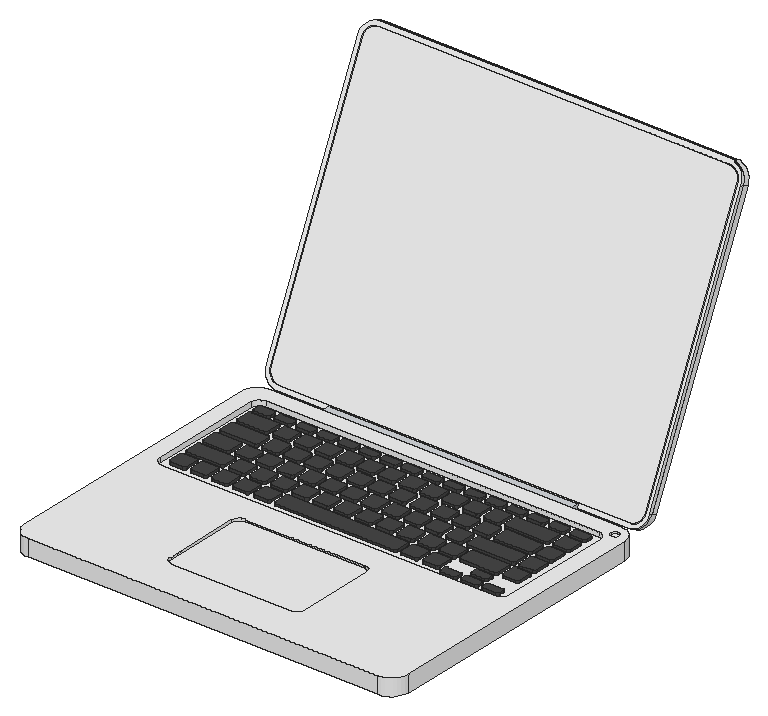
Revit family "Notebookrfa", category Generic Models, Revit 2016
Family settings
  Part Type = Normal
  Can host rebar = No
  Round Connector Dimension = Use Diameter
  Work Plane-Based = No
  Always vertical = Yes
  Cut with Voids When Loaded = No
  Shared = No
  Room Calculation Point = No
Parameters
  Model = "MacBook"
  Manufacturer = "Apple Inc."
  Description = ""
  Creator = "RIgo Orozco"
Reference planes (in)
  plane 1 "Center (Front/Back)": y = 0
  plane 2: z = 0
  plane 3 "Center (Left/Right)": x = 0
Forms (in)
  Extrusion 1, solid, material "Aluminum"
    sketch origin (0, 0, 0) x (1, 0, 0) y (0, 1, 0)
      loop
        line (2.3049, -1.60629) -> (2.3049, 6.39371)
        arc (2.3049, 6.39371) -> (2.15845, 6.74727) -> (1.8049, 6.89371) r 0.5
        line (1.8049, 6.89371) -> (-8.5701, 6.89371)
        arc (-8.5701, 6.89371) -> (-8.92365, 6.74727) -> (-9.0701, 6.39371) r 0.5
        line (-9.0701, 6.39371) -> (-9.0701, -1.60629)
        arc (-9.0701, -1.60629) -> (-8.92365, -1.95984) -> (-8.5701, -2.10629) r 0.5
        line (-8.5701, -2.10629) -> (1.8049, -2.10629)
        arc (1.8049, -2.10629) -> (2.15845, -1.95984) -> (2.3049, -1.60629) r 0.5
    from 0.25793 to 0.75
  Extrusion 2, void
    sketch origin (0, 0.5, 0.6875) x (1, 0, 0) y (0, 1, 0)
      loop
        arc (-5.1951, 1.25352) -> (-5.37188, 1.18029) -> (-5.4451, 1.00352) r 0.25
        line (-5.4451, 1.00352) -> (-5.4451, -1.24648)
        arc (-5.4451, -1.24648) -> (-5.37188, -1.42326) -> (-5.1951, -1.49648) r 0.25
        line (-5.1951, -1.49648) -> (-1.6951, -1.49648)
        arc (-1.6951, -1.49648) -> (-1.51832, -1.42326) -> (-1.4451, -1.24648) r 0.25
        line (-1.4451, -1.24648) -> (-1.4451, 1.00352)
        arc (-1.4451, 1.00352) -> (-1.51832, 1.18029) -> (-1.6951, 1.25352) r 0.25
        line (-1.6951, 1.25352) -> (-5.1951, 1.25352)
    from 0 to 0.5
  Extrusion 3, void
    sketch origin (0, 0, 0.6875) x (1, 0, 0) y (0, 1, 0)
      loop
        arc (-8.3201, 6.39371) -> (-8.49688, 6.32049) -> (-8.5701, 6.14371) r 0.25
        line (-8.5701, 6.14371) -> (-8.5701, 2.76871)
        arc (-8.5701, 2.76871) -> (-8.49688, 2.59194) -> (-8.3201, 2.51871) r 0.25
        line (-8.3201, 2.51871) -> (1.5549, 2.51871)
        arc (1.5549, 2.51871) -> (1.73168, 2.59194) -> (1.8049, 2.76871) r 0.25
        line (1.8049, 2.76871) -> (1.8049, 6.14371)
        arc (1.8049, 6.14371) -> (1.73168, 6.32049) -> (1.5549, 6.39371) r 0.25
        line (1.5549, 6.39371) -> (-8.3201, 6.39371)
    from -0.07748 to 0.0625
  Extrusion 4, solid, material "Black Key"
    sketch origin (-13.375, 0, 0.6875) x (1, 0, 0) y (0, 1, 0)
      loop
        arc (5.11577, 6.14371) -> (5.07273, 6.12589) -> (5.0549, 6.08285) r 0.06086
        line (5.0549, 6.08285) -> (5.0549, 5.93793)
        arc (5.0549, 5.93793) -> (5.07318, 5.8938) -> (5.11732, 5.87552) r 0.06242
        line (5.11732, 5.87552) -> (5.49166, 5.87552)
        arc (5.49166, 5.87552) -> (5.53638, 5.89404) -> (5.5549, 5.93876) r 0.06324
        line (5.5549, 5.93876) -> (5.5549, 6.08251)
        arc (5.5549, 6.08251) -> (5.53698, 6.12579) -> (5.4937, 6.14371) r 0.0612
        line (5.4937, 6.14371) -> (5.11577, 6.14371)
    from 0 to 0.0625
  Extrusion 5, solid, material "Black Key"
    sketch origin (-12.75, 0, 0.6875) x (1, 0, 0) y (0, 1, 0)
      loop
        arc (5.11577, 6.14371) -> (5.07273, 6.12589) -> (5.0549, 6.08285) r 0.06086
        line (5.0549, 6.08285) -> (5.0549, 5.93793)
        arc (5.0549, 5.93793) -> (5.07318, 5.8938) -> (5.11732, 5.87552) r 0.06242
        line (5.11732, 5.87552) -> (5.49166, 5.87552)
        arc (5.49166, 5.87552) -> (5.53638, 5.89404) -> (5.5549, 5.93876) r 0.06324
        line (5.5549, 5.93876) -> (5.5549, 6.08251)
        arc (5.5549, 6.08251) -> (5.53698, 6.12579) -> (5.4937, 6.14371) r 0.0612
        line (5.4937, 6.14371) -> (5.11577, 6.14371)
    from 0 to 0.0625
  Extrusion 6, solid, material "Black Key"
    sketch origin (-12.75, -0.375, 0.6875) x (1, 0, 0) y (0, 1, 0)
      loop
        arc (4.49077, 6.14371) -> (4.44773, 6.12589) -> (4.4299, 6.08285) r 0.06086
        line (4.4299, 6.08285) -> (4.4299, 5.70613)
        arc (4.4299, 5.70613) -> (4.44818, 5.66199) -> (4.49232, 5.64371) r 0.06242
        line (4.49232, 5.64371) -> (5.30457, 5.64371)
        arc (5.30457, 5.64371) -> (5.34929, 5.66223) -> (5.36781, 5.70695) r 0.06324
        line (5.36781, 5.70695) -> (5.36781, 6.08251)
        arc (5.36781, 6.08251) -> (5.34989, 6.12579) -> (5.30661, 6.14371) r 0.0612
        line (5.30661, 6.14371) -> (4.49077, 6.14371)
    from 0 to 0.0625
  Extrusion 7, solid, material "Black Key"
    sketch origin (-13.375, -0.99982, 0.6875) x (1, 0, 0) y (0, 1, 0)
      loop
        arc (5.11577, 6.14371) -> (5.07273, 6.12589) -> (5.0549, 6.08285) r 0.06086
        line (5.0549, 6.08285) -> (5.0549, 5.70613)
        arc (5.0549, 5.70613) -> (5.07318, 5.66199) -> (5.11732, 5.64371) r 0.06242
        line (5.11732, 5.64371) -> (6.11666, 5.64371)
        arc (6.11666, 5.64371) -> (6.16138, 5.66223) -> (6.1799, 5.70695) r 0.06324
        line (6.1799, 5.70695) -> (6.1799, 6.08251)
        arc (6.1799, 6.08251) -> (6.16198, 6.12579) -> (6.1187, 6.14371) r 0.0612
        line (6.1187, 6.14371) -> (5.11577, 6.14371)
    from 0 to 0.0625
  Extrusion 8, solid, material "Black Key"
    sketch origin (-12.75, -1.625, 0.6875) x (1, 0, 0) y (0, 1, 0)
      loop
        arc (4.49077, 6.14371) -> (4.44773, 6.12589) -> (4.4299, 6.08285) r 0.06086
        line (4.4299, 6.08285) -> (4.4299, 5.70613)
        arc (4.4299, 5.70613) -> (4.44818, 5.66199) -> (4.49232, 5.64371) r 0.06242
        line (4.49232, 5.64371) -> (5.17957, 5.64371)
        arc (5.17957, 5.64371) -> (5.22429, 5.66223) -> (5.24281, 5.70695) r 0.06324
        line (5.24281, 5.70695) -> (5.24281, 6.08251)
        arc (5.24281, 6.08251) -> (5.22489, 6.12579) -> (5.18161, 6.14371) r 0.0612
        line (5.18161, 6.14371) -> (4.49077, 6.14371)
    from 0 to 0.0625
  Extrusion 9, solid, material "Black Key"
    sketch origin (-13.375, -2.24982, 0.6875) x (1, 0, 0) y (0, 1, 0)
      loop
        arc (5.11577, 6.14371) -> (5.07273, 6.12589) -> (5.0549, 6.08285) r 0.06086
        line (5.0549, 6.08285) -> (5.0549, 5.70613)
        arc (5.0549, 5.70613) -> (5.07318, 5.66199) -> (5.11732, 5.64371) r 0.06242
        line (5.11732, 5.64371) -> (6.11666, 5.64371)
        arc (6.11666, 5.64371) -> (6.16138, 5.66223) -> (6.1799, 5.70695) r 0.06324
        line (6.1799, 5.70695) -> (6.1799, 6.08251)
        arc (6.1799, 6.08251) -> (6.16198, 6.12579) -> (6.1187, 6.14371) r 0.0612
        line (6.1187, 6.14371) -> (5.11577, 6.14371)
    from 0 to 0.0625
  Extrusion 10, solid, material "Black Key"
    sketch origin (-13.375, -2.87482, 0.6875) x (1, 0, 0) y (0, 1, 0)
      loop
        arc (5.11577, 6.14371) -> (5.07273, 6.12589) -> (5.0549, 6.08285) r 0.06086
        line (5.0549, 6.08285) -> (5.0549, 5.70613)
        arc (5.0549, 5.70613) -> (5.07318, 5.66199) -> (5.11732, 5.64371) r 0.06242
        line (5.11732, 5.64371) -> (5.49166, 5.64371)
        arc (5.49166, 5.64371) -> (5.53638, 5.66223) -> (5.5549, 5.70695) r 0.06324
        line (5.5549, 5.70695) -> (5.5549, 6.08251)
        arc (5.5549, 6.08251) -> (5.53698, 6.12579) -> (5.4937, 6.14371) r 0.0612
        line (5.4937, 6.14371) -> (5.11577, 6.14371)
    from 0 to 0.0625
  Extrusion 11, solid, material "Black Key"
    sketch origin (-12.75, -2.875, 0.6875) x (1, 0, 0) y (0, 1, 0)
      loop
        arc (5.11577, 6.14371) -> (5.07273, 6.12589) -> (5.0549, 6.08285) r 0.06086
        line (5.0549, 6.08285) -> (5.0549, 5.70613)
        arc (5.0549, 5.70613) -> (5.07318, 5.66199) -> (5.11732, 5.64371) r 0.06242
        line (5.11732, 5.64371) -> (5.49166, 5.64371)
        arc (5.49166, 5.64371) -> (5.53638, 5.66223) -> (5.5549, 5.70695) r 0.06324
        line (5.5549, 5.70695) -> (5.5549, 6.08251)
        arc (5.5549, 6.08251) -> (5.53698, 6.12579) -> (5.4937, 6.14371) r 0.0612
        line (5.4937, 6.14371) -> (5.11577, 6.14371)
    from 0 to 0.0625
  Extrusion 12, solid, material "Black Key"
    sketch origin (-12.125, 0, 0.6875) x (1, 0, 0) y (0, 1, 0)
      loop
        arc (5.11577, 6.14371) -> (5.07273, 6.12589) -> (5.0549, 6.08285) r 0.06086
        line (5.0549, 6.08285) -> (5.0549, 5.93793)
        arc (5.0549, 5.93793) -> (5.07318, 5.8938) -> (5.11732, 5.87552) r 0.06242
        line (5.11732, 5.87552) -> (5.49166, 5.87552)
        arc (5.49166, 5.87552) -> (5.53638, 5.89404) -> (5.5549, 5.93876) r 0.06324
        line (5.5549, 5.93876) -> (5.5549, 6.08251)
        arc (5.5549, 6.08251) -> (5.53698, 6.12579) -> (5.4937, 6.14371) r 0.0612
        line (5.4937, 6.14371) -> (5.11577, 6.14371)
    from 0 to 0.0625
  Extrusion 13, solid, material "Black Key"
    sketch origin (-12.3125, -0.375, 0.6875) x (1, 0, 0) y (0, 1, 0)
      loop
        arc (5.11577, 6.14371) -> (5.07273, 6.12589) -> (5.0549, 6.08285) r 0.06086
        line (5.0549, 6.08285) -> (5.0549, 5.70613)
        arc (5.0549, 5.70613) -> (5.07318, 5.66199) -> (5.11732, 5.64371) r 0.06242
        line (5.11732, 5.64371) -> (5.49166, 5.64371)
        arc (5.49166, 5.64371) -> (5.53638, 5.66223) -> (5.5549, 5.70695) r 0.06324
        line (5.5549, 5.70695) -> (5.5549, 6.08251)
        arc (5.5549, 6.08251) -> (5.53698, 6.12579) -> (5.4937, 6.14371) r 0.0612
        line (5.4937, 6.14371) -> (5.11577, 6.14371)
    from 0 to 0.0625
  Extrusion 14, solid, material "Black Key"
    sketch origin (-12.125, -1, 0.6875) x (1, 0, 0) y (0, 1, 0)
      loop
        arc (5.11577, 6.14371) -> (5.07273, 6.12589) -> (5.0549, 6.08285) r 0.06086
        line (5.0549, 6.08285) -> (5.0549, 5.70613)
        arc (5.0549, 5.70613) -> (5.07318, 5.66199) -> (5.11732, 5.64371) r 0.06242
        line (5.11732, 5.64371) -> (5.49166, 5.64371)
        arc (5.49166, 5.64371) -> (5.53638, 5.66223) -> (5.5549, 5.70695) r 0.06324
        line (5.5549, 5.70695) -> (5.5549, 6.08251)
        arc (5.5549, 6.08251) -> (5.53698, 6.12579) -> (5.4937, 6.14371) r 0.0612
        line (5.4937, 6.14371) -> (5.11577, 6.14371)
    from 0 to 0.0625
  Extrusion 15, solid, material "Black Key"
    sketch origin (-12.125, -2.25, 0.6875) x (1, 0, 0) y (0, 1, 0)
      loop
        arc (5.11577, 6.14371) -> (5.07273, 6.12589) -> (5.0549, 6.08285) r 0.06086
        line (5.0549, 6.08285) -> (5.0549, 5.70613)
        arc (5.0549, 5.70613) -> (5.07318, 5.66199) -> (5.11732, 5.64371) r 0.06242
        line (5.11732, 5.64371) -> (5.49166, 5.64371)
        arc (5.49166, 5.64371) -> (5.53638, 5.66223) -> (5.5549, 5.70695) r 0.06324
        line (5.5549, 5.70695) -> (5.5549, 6.08251)
        arc (5.5549, 6.08251) -> (5.53698, 6.12579) -> (5.4937, 6.14371) r 0.0612
        line (5.4937, 6.14371) -> (5.11577, 6.14371)
    from 0 to 0.0625
  Extrusion 16, solid, material "Black Key"
    sketch origin (-12.125, -2.875, 0.6875) x (1, 0, 0) y (0, 1, 0)
      loop
        arc (5.11577, 6.14371) -> (5.07273, 6.12589) -> (5.0549, 6.08285) r 0.06086
        line (5.0549, 6.08285) -> (5.0549, 5.70613)
        arc (5.0549, 5.70613) -> (5.07318, 5.66199) -> (5.11732, 5.64371) r 0.06242
        line (5.11732, 5.64371) -> (5.49166, 5.64371)
        arc (5.49166, 5.64371) -> (5.53638, 5.66223) -> (5.5549, 5.70695) r 0.06324
        line (5.5549, 5.70695) -> (5.5549, 6.08251)
        arc (5.5549, 6.08251) -> (5.53698, 6.12579) -> (5.4937, 6.14371) r 0.0612
        line (5.4937, 6.14371) -> (5.11577, 6.14371)
    from 0 to 0.0625
  Extrusion 17, solid, material "Black Key"
    sketch origin (-11.5, 0, 0.6875) x (1, 0, 0) y (0, 1, 0)
      loop
        arc (5.11577, 6.14371) -> (5.07273, 6.12589) -> (5.0549, 6.08285) r 0.06086
        line (5.0549, 6.08285) -> (5.0549, 5.93793)
        arc (5.0549, 5.93793) -> (5.07318, 5.8938) -> (5.11732, 5.87552) r 0.06242
        line (5.11732, 5.87552) -> (5.49166, 5.87552)
        arc (5.49166, 5.87552) -> (5.53638, 5.89404) -> (5.5549, 5.93876) r 0.06324
        line (5.5549, 5.93876) -> (5.5549, 6.08251)
        arc (5.5549, 6.08251) -> (5.53698, 6.12579) -> (5.4937, 6.14371) r 0.0612
        line (5.4937, 6.14371) -> (5.11577, 6.14371)
    from 0 to 0.0625
  Extrusion 18, solid, material "Black Key"
    sketch origin (-11.6875, -0.375, 0.6875) x (1, 0, 0) y (0, 1, 0)
      loop
        arc (5.11577, 6.14371) -> (5.07273, 6.12589) -> (5.0549, 6.08285) r 0.06086
        line (5.0549, 6.08285) -> (5.0549, 5.70613)
        arc (5.0549, 5.70613) -> (5.07318, 5.66199) -> (5.11732, 5.64371) r 0.06242
        line (5.11732, 5.64371) -> (5.49166, 5.64371)
        arc (5.49166, 5.64371) -> (5.53638, 5.66223) -> (5.5549, 5.70695) r 0.06324
        line (5.5549, 5.70695) -> (5.5549, 6.08251)
        arc (5.5549, 6.08251) -> (5.53698, 6.12579) -> (5.4937, 6.14371) r 0.0612
        line (5.4937, 6.14371) -> (5.11577, 6.14371)
    from 0 to 0.0625
  Extrusion 19, solid, material "Black Key"
    sketch origin (-11.5, -1, 0.6875) x (1, 0, 0) y (0, 1, 0)
      loop
        arc (5.11577, 6.14371) -> (5.07273, 6.12589) -> (5.0549, 6.08285) r 0.06086
        line (5.0549, 6.08285) -> (5.0549, 5.70613)
        arc (5.0549, 5.70613) -> (5.07318, 5.66199) -> (5.11732, 5.64371) r 0.06242
        line (5.11732, 5.64371) -> (5.49166, 5.64371)
        arc (5.49166, 5.64371) -> (5.53638, 5.66223) -> (5.5549, 5.70695) r 0.06324
        line (5.5549, 5.70695) -> (5.5549, 6.08251)
        arc (5.5549, 6.08251) -> (5.53698, 6.12579) -> (5.4937, 6.14371) r 0.0612
        line (5.4937, 6.14371) -> (5.11577, 6.14371)
    from 0 to 0.0625
  Extrusion 20, solid, material "Black Key"
    sketch origin (-11.5, -2.25, 0.6875) x (1, 0, 0) y (0, 1, 0)
      loop
        arc (5.11577, 6.14371) -> (5.07273, 6.12589) -> (5.0549, 6.08285) r 0.06086
        line (5.0549, 6.08285) -> (5.0549, 5.70613)
        arc (5.0549, 5.70613) -> (5.07318, 5.66199) -> (5.11732, 5.64371) r 0.06242
        line (5.11732, 5.64371) -> (5.49166, 5.64371)
        arc (5.49166, 5.64371) -> (5.53638, 5.66223) -> (5.5549, 5.70695) r 0.06324
        line (5.5549, 5.70695) -> (5.5549, 6.08251)
        arc (5.5549, 6.08251) -> (5.53698, 6.12579) -> (5.4937, 6.14371) r 0.0612
        line (5.4937, 6.14371) -> (5.11577, 6.14371)
    from 0 to 0.0625
  Extrusion 21, solid, material "Black Key"
    sketch origin (-11.5, -2.875, 0.6875) x (1, 0, 0) y (0, 1, 0)
      loop
        arc (5.11577, 6.14371) -> (5.07273, 6.12589) -> (5.0549, 6.08285) r 0.06086
        line (5.0549, 6.08285) -> (5.0549, 5.70613)
        arc (5.0549, 5.70613) -> (5.07318, 5.66199) -> (5.11732, 5.64371) r 0.06242
        line (5.11732, 5.64371) -> (5.49166, 5.64371)
        arc (5.49166, 5.64371) -> (5.53638, 5.66223) -> (5.5549, 5.70695) r 0.06324
        line (5.5549, 5.70695) -> (5.5549, 6.08251)
        arc (5.5549, 6.08251) -> (5.53698, 6.12579) -> (5.4937, 6.14371) r 0.0612
        line (5.4937, 6.14371) -> (5.11577, 6.14371)
    from 0 to 0.0625
  Extrusion 22, solid, material "Black Key"
    sketch origin (-10.875, 0, 0.6875) x (1, 0, 0) y (0, 1, 0)
      loop
        arc (5.11577, 6.14371) -> (5.07273, 6.12589) -> (5.0549, 6.08285) r 0.06086
        line (5.0549, 6.08285) -> (5.0549, 5.93793)
        arc (5.0549, 5.93793) -> (5.07318, 5.8938) -> (5.11732, 5.87552) r 0.06242
        line (5.11732, 5.87552) -> (5.49166, 5.87552)
        arc (5.49166, 5.87552) -> (5.53638, 5.89404) -> (5.5549, 5.93876) r 0.06324
        line (5.5549, 5.93876) -> (5.5549, 6.08251)
        arc (5.5549, 6.08251) -> (5.53698, 6.12579) -> (5.4937, 6.14371) r 0.0612
        line (5.4937, 6.14371) -> (5.11577, 6.14371)
    from 0 to 0.0625
  Extrusion 23, solid, material "Black Key"
    sketch origin (-11.0625, -0.375, 0.6875) x (1, 0, 0) y (0, 1, 0)
      loop
        arc (5.11577, 6.14371) -> (5.07273, 6.12589) -> (5.0549, 6.08285) r 0.06086
        line (5.0549, 6.08285) -> (5.0549, 5.70613)
        arc (5.0549, 5.70613) -> (5.07318, 5.66199) -> (5.11732, 5.64371) r 0.06242
        line (5.11732, 5.64371) -> (5.49166, 5.64371)
        arc (5.49166, 5.64371) -> (5.53638, 5.66223) -> (5.5549, 5.70695) r 0.06324
        line (5.5549, 5.70695) -> (5.5549, 6.08251)
        arc (5.5549, 6.08251) -> (5.53698, 6.12579) -> (5.4937, 6.14371) r 0.0612
        line (5.4937, 6.14371) -> (5.11577, 6.14371)
    from 0 to 0.0625
  Extrusion 24, solid, material "Black Key"
    sketch origin (-10.875, -1, 0.6875) x (1, 0, 0) y (0, 1, 0)
      loop
        arc (5.11577, 6.14371) -> (5.07273, 6.12589) -> (5.0549, 6.08285) r 0.06086
        line (5.0549, 6.08285) -> (5.0549, 5.70613)
        arc (5.0549, 5.70613) -> (5.07318, 5.66199) -> (5.11732, 5.64371) r 0.06242
        line (5.11732, 5.64371) -> (5.49166, 5.64371)
        arc (5.49166, 5.64371) -> (5.53638, 5.66223) -> (5.5549, 5.70695) r 0.06324
        line (5.5549, 5.70695) -> (5.5549, 6.08251)
        arc (5.5549, 6.08251) -> (5.53698, 6.12579) -> (5.4937, 6.14371) r 0.0612
        line (5.4937, 6.14371) -> (5.11577, 6.14371)
    from 0 to 0.0625
  Extrusion 25, solid, material "Black Key"
    sketch origin (-10.875, -2.25, 0.6875) x (1, 0, 0) y (0, 1, 0)
      loop
        arc (5.11577, 6.14371) -> (5.07273, 6.12589) -> (5.0549, 6.08285) r 0.06086
        line (5.0549, 6.08285) -> (5.0549, 5.70613)
        arc (5.0549, 5.70613) -> (5.07318, 5.66199) -> (5.11732, 5.64371) r 0.06242
        line (5.11732, 5.64371) -> (5.49166, 5.64371)
        arc (5.49166, 5.64371) -> (5.53638, 5.66223) -> (5.5549, 5.70695) r 0.06324
        line (5.5549, 5.70695) -> (5.5549, 6.08251)
        arc (5.5549, 6.08251) -> (5.53698, 6.12579) -> (5.4937, 6.14371) r 0.0612
        line (5.4937, 6.14371) -> (5.11577, 6.14371)
    from 0 to 0.0625
  Extrusion 26, solid, material "Black Key"
    sketch origin (-10.875, -2.875, 0.6875) x (1, 0, 0) y (0, 1, 0)
      loop
        arc (5.11577, 6.14371) -> (5.07273, 6.12589) -> (5.0549, 6.08285) r 0.06086
        line (5.0549, 6.08285) -> (5.0549, 5.70613)
        arc (5.0549, 5.70613) -> (5.07318, 5.66199) -> (5.11732, 5.64371) r 0.06242
        line (5.11732, 5.64371) -> (5.49166, 5.64371)
        arc (5.49166, 5.64371) -> (5.53638, 5.66223) -> (5.5549, 5.70695) r 0.06324
        line (5.5549, 5.70695) -> (5.5549, 6.08251)
        arc (5.5549, 6.08251) -> (5.53698, 6.12579) -> (5.4937, 6.14371) r 0.0612
        line (5.4937, 6.14371) -> (5.11577, 6.14371)
    from 0 to 0.0625
  Extrusion 27, solid, material "Black Key"
    sketch origin (-10.25, 0, 0.6875) x (1, 0, 0) y (0, 1, 0)
      loop
        arc (5.11577, 6.14371) -> (5.07273, 6.12589) -> (5.0549, 6.08285) r 0.06086
        line (5.0549, 6.08285) -> (5.0549, 5.93793)
        arc (5.0549, 5.93793) -> (5.07318, 5.8938) -> (5.11732, 5.87552) r 0.06242
        line (5.11732, 5.87552) -> (5.49166, 5.87552)
        arc (5.49166, 5.87552) -> (5.53638, 5.89404) -> (5.5549, 5.93876) r 0.06324
        line (5.5549, 5.93876) -> (5.5549, 6.08251)
        arc (5.5549, 6.08251) -> (5.53698, 6.12579) -> (5.4937, 6.14371) r 0.0612
        line (5.4937, 6.14371) -> (5.11577, 6.14371)
    from 0 to 0.0625
  Extrusion 28, solid, material "Black Key"
    sketch origin (-10.4375, -0.375, 0.6875) x (1, 0, 0) y (0, 1, 0)
      loop
        arc (5.11577, 6.14371) -> (5.07273, 6.12589) -> (5.0549, 6.08285) r 0.06086
        line (5.0549, 6.08285) -> (5.0549, 5.70613)
        arc (5.0549, 5.70613) -> (5.07318, 5.66199) -> (5.11732, 5.64371) r 0.06242
        line (5.11732, 5.64371) -> (5.49166, 5.64371)
        arc (5.49166, 5.64371) -> (5.53638, 5.66223) -> (5.5549, 5.70695) r 0.06324
        line (5.5549, 5.70695) -> (5.5549, 6.08251)
        arc (5.5549, 6.08251) -> (5.53698, 6.12579) -> (5.4937, 6.14371) r 0.0612
        line (5.4937, 6.14371) -> (5.11577, 6.14371)
    from 0 to 0.0625
  Extrusion 29, solid, material "Black Key"
    sketch origin (-10.25, -1, 0.6875) x (1, 0, 0) y (0, 1, 0)
      loop
        arc (5.11577, 6.14371) -> (5.07273, 6.12589) -> (5.0549, 6.08285) r 0.06086
        line (5.0549, 6.08285) -> (5.0549, 5.70613)
        arc (5.0549, 5.70613) -> (5.07318, 5.66199) -> (5.11732, 5.64371) r 0.06242
        line (5.11732, 5.64371) -> (5.49166, 5.64371)
        arc (5.49166, 5.64371) -> (5.53638, 5.66223) -> (5.5549, 5.70695) r 0.06324
        line (5.5549, 5.70695) -> (5.5549, 6.08251)
        arc (5.5549, 6.08251) -> (5.53698, 6.12579) -> (5.4937, 6.14371) r 0.0612
        line (5.4937, 6.14371) -> (5.11577, 6.14371)
    from 0 to 0.0625
  Extrusion 30, solid, material "Black Key"
    sketch origin (-9.93709, -1.625, 0.6875) x (1, 0, 0) y (0, 1, 0)
      loop
        arc (5.11577, 6.14371) -> (5.07273, 6.12589) -> (5.0549, 6.08285) r 0.06086
        line (5.0549, 6.08285) -> (5.0549, 5.70613)
        arc (5.0549, 5.70613) -> (5.07318, 5.66199) -> (5.11732, 5.64371) r 0.06242
        line (5.11732, 5.64371) -> (5.49166, 5.64371)
        arc (5.49166, 5.64371) -> (5.53638, 5.66223) -> (5.5549, 5.70695) r 0.06324
        line (5.5549, 5.70695) -> (5.5549, 6.08251)
        arc (5.5549, 6.08251) -> (5.53698, 6.12579) -> (5.4937, 6.14371) r 0.0612
        line (5.4937, 6.14371) -> (5.11577, 6.14371)
    from 0 to 0.0625
  Extrusion 31, solid, material "Black Key"
    sketch origin (-10.25, -2.25, 0.6875) x (1, 0, 0) y (0, 1, 0)
      loop
        arc (5.11577, 6.14371) -> (5.07273, 6.12589) -> (5.0549, 6.08285) r 0.06086
        line (5.0549, 6.08285) -> (5.0549, 5.70613)
        arc (5.0549, 5.70613) -> (5.07318, 5.66199) -> (5.11732, 5.64371) r 0.06242
        line (5.11732, 5.64371) -> (5.49166, 5.64371)
        arc (5.49166, 5.64371) -> (5.53638, 5.66223) -> (5.5549, 5.70695) r 0.06324
        line (5.5549, 5.70695) -> (5.5549, 6.08251)
        arc (5.5549, 6.08251) -> (5.53698, 6.12579) -> (5.4937, 6.14371) r 0.0612
        line (5.4937, 6.14371) -> (5.11577, 6.14371)
    from 0 to 0.0625
  Extrusion 32, solid, material "Black Key"
    sketch origin (-10.25, -2.875, 0.6875) x (1, 0, 0) y (0, 1, 0)
      loop
        arc (5.11577, 6.14371) -> (5.07273, 6.12589) -> (5.0549, 6.08285) r 0.06086
        line (5.0549, 6.08285) -> (5.0549, 5.70613)
        arc (5.0549, 5.70613) -> (5.07318, 5.66199) -> (5.11732, 5.64371) r 0.06242
        line (5.11732, 5.64371) -> (8.61666, 5.64371)
        arc (8.61666, 5.64371) -> (8.66138, 5.66223) -> (8.6799, 5.70695) r 0.06324
        line (8.6799, 5.70695) -> (8.6799, 6.08251)
        arc (8.6799, 6.08251) -> (8.66198, 6.12579) -> (8.6187, 6.14371) r 0.0612
        line (8.6187, 6.14371) -> (5.11577, 6.14371)
    from 0 to 0.0625
  Extrusion 33, solid, material "Black Key"
    sketch origin (-9.625, 0, 0.6875) x (1, 0, 0) y (0, 1, 0)
      loop
        arc (5.11577, 6.14371) -> (5.07273, 6.12589) -> (5.0549, 6.08285) r 0.06086
        line (5.0549, 6.08285) -> (5.0549, 5.93793)
        arc (5.0549, 5.93793) -> (5.07318, 5.8938) -> (5.11732, 5.87552) r 0.06242
        line (5.11732, 5.87552) -> (5.49166, 5.87552)
        arc (5.49166, 5.87552) -> (5.53638, 5.89404) -> (5.5549, 5.93876) r 0.06324
        line (5.5549, 5.93876) -> (5.5549, 6.08251)
        arc (5.5549, 6.08251) -> (5.53698, 6.12579) -> (5.4937, 6.14371) r 0.0612
        line (5.4937, 6.14371) -> (5.11577, 6.14371)
    from 0 to 0.0625
  Extrusion 34, solid, material "Black Key"
    sketch origin (-9.8125, -0.375, 0.6875) x (1, 0, 0) y (0, 1, 0)
      loop
        arc (5.11577, 6.14371) -> (5.07273, 6.12589) -> (5.0549, 6.08285) r 0.06086
        line (5.0549, 6.08285) -> (5.0549, 5.70613)
        arc (5.0549, 5.70613) -> (5.07318, 5.66199) -> (5.11732, 5.64371) r 0.06242
        line (5.11732, 5.64371) -> (5.49166, 5.64371)
        arc (5.49166, 5.64371) -> (5.53638, 5.66223) -> (5.5549, 5.70695) r 0.06324
        line (5.5549, 5.70695) -> (5.5549, 6.08251)
        arc (5.5549, 6.08251) -> (5.53698, 6.12579) -> (5.4937, 6.14371) r 0.0612
        line (5.4937, 6.14371) -> (5.11577, 6.14371)
    from 0 to 0.0625
  Extrusion 35, solid, material "Black Key"
    sketch origin (-9.625, -1, 0.6875) x (1, 0, 0) y (0, 1, 0)
      loop
        arc (5.11577, 6.14371) -> (5.07273, 6.12589) -> (5.0549, 6.08285) r 0.06086
        line (5.0549, 6.08285) -> (5.0549, 5.70613)
        arc (5.0549, 5.70613) -> (5.07318, 5.66199) -> (5.11732, 5.64371) r 0.06242
        line (5.11732, 5.64371) -> (5.49166, 5.64371)
        arc (5.49166, 5.64371) -> (5.53638, 5.66223) -> (5.5549, 5.70695) r 0.06324
        line (5.5549, 5.70695) -> (5.5549, 6.08251)
        arc (5.5549, 6.08251) -> (5.53698, 6.12579) -> (5.4937, 6.14371) r 0.0612
        line (5.4937, 6.14371) -> (5.11577, 6.14371)
    from 0 to 0.0625
  Extrusion 36, solid, material "Black Key"
    sketch origin (-9.625, -2.25, 0.6875) x (1, 0, 0) y (0, 1, 0)
      loop
        arc (5.11577, 6.14371) -> (5.07273, 6.12589) -> (5.0549, 6.08285) r 0.06086
        line (5.0549, 6.08285) -> (5.0549, 5.70613)
        arc (5.0549, 5.70613) -> (5.07318, 5.66199) -> (5.11732, 5.64371) r 0.06242
        line (5.11732, 5.64371) -> (5.49166, 5.64371)
        arc (5.49166, 5.64371) -> (5.53638, 5.66223) -> (5.5549, 5.70695) r 0.06324
        line (5.5549, 5.70695) -> (5.5549, 6.08251)
        arc (5.5549, 6.08251) -> (5.53698, 6.12579) -> (5.4937, 6.14371) r 0.0612
        line (5.4937, 6.14371) -> (5.11577, 6.14371)
    from 0 to 0.0625
  Extrusion 37, solid, material "Black Key"
    sketch origin (-9, 0, 0.6875) x (1, 0, 0) y (0, 1, 0)
      loop
        arc (5.11577, 6.14371) -> (5.07273, 6.12589) -> (5.0549, 6.08285) r 0.06086
        line (5.0549, 6.08285) -> (5.0549, 5.93793)
        arc (5.0549, 5.93793) -> (5.07318, 5.8938) -> (5.11732, 5.87552) r 0.06242
        line (5.11732, 5.87552) -> (5.49166, 5.87552)
        arc (5.49166, 5.87552) -> (5.53638, 5.89404) -> (5.5549, 5.93876) r 0.06324
        line (5.5549, 5.93876) -> (5.5549, 6.08251)
        arc (5.5549, 6.08251) -> (5.53698, 6.12579) -> (5.4937, 6.14371) r 0.0612
        line (5.4937, 6.14371) -> (5.11577, 6.14371)
    from 0 to 0.0625
  Extrusion 38, solid, material "Black Key"
    sketch origin (-9.1875, -0.375, 0.6875) x (1, 0, 0) y (0, 1, 0)
      loop
        arc (5.11577, 6.14371) -> (5.07273, 6.12589) -> (5.0549, 6.08285) r 0.06086
        line (5.0549, 6.08285) -> (5.0549, 5.70613)
        arc (5.0549, 5.70613) -> (5.07318, 5.66199) -> (5.11732, 5.64371) r 0.06242
        line (5.11732, 5.64371) -> (5.49166, 5.64371)
        arc (5.49166, 5.64371) -> (5.53638, 5.66223) -> (5.5549, 5.70695) r 0.06324
        line (5.5549, 5.70695) -> (5.5549, 6.08251)
        arc (5.5549, 6.08251) -> (5.53698, 6.12579) -> (5.4937, 6.14371) r 0.0612
        line (5.4937, 6.14371) -> (5.11577, 6.14371)
    from 0 to 0.0625
  Extrusion 39, solid, material "Black Key"
    sketch origin (-9, -1, 0.6875) x (1, 0, 0) y (0, 1, 0)
      loop
        arc (5.11577, 6.14371) -> (5.07273, 6.12589) -> (5.0549, 6.08285) r 0.06086
        line (5.0549, 6.08285) -> (5.0549, 5.70613)
        arc (5.0549, 5.70613) -> (5.07318, 5.66199) -> (5.11732, 5.64371) r 0.06242
        line (5.11732, 5.64371) -> (5.49166, 5.64371)
        arc (5.49166, 5.64371) -> (5.53638, 5.66223) -> (5.5549, 5.70695) r 0.06324
        line (5.5549, 5.70695) -> (5.5549, 6.08251)
        arc (5.5549, 6.08251) -> (5.53698, 6.12579) -> (5.4937, 6.14371) r 0.0612
        line (5.4937, 6.14371) -> (5.11577, 6.14371)
    from 0 to 0.0625
  Extrusion 40, solid, material "Black Key"
    sketch origin (-9, -2.25, 0.6875) x (1, 0, 0) y (0, 1, 0)
      loop
        arc (5.11577, 6.14371) -> (5.07273, 6.12589) -> (5.0549, 6.08285) r 0.06086
        line (5.0549, 6.08285) -> (5.0549, 5.70613)
        arc (5.0549, 5.70613) -> (5.07318, 5.66199) -> (5.11732, 5.64371) r 0.06242
        line (5.11732, 5.64371) -> (5.49166, 5.64371)
        arc (5.49166, 5.64371) -> (5.53638, 5.66223) -> (5.5549, 5.70695) r 0.06324
        line (5.5549, 5.70695) -> (5.5549, 6.08251)
        arc (5.5549, 6.08251) -> (5.53698, 6.12579) -> (5.4937, 6.14371) r 0.0612
        line (5.4937, 6.14371) -> (5.11577, 6.14371)
    from 0 to 0.0625
  Extrusion 41, solid, material "Black Key"
    sketch origin (-8.375, 0, 0.6875) x (1, 0, 0) y (0, 1, 0)
      loop
        arc (5.11577, 6.14371) -> (5.07273, 6.12589) -> (5.0549, 6.08285) r 0.06086
        line (5.0549, 6.08285) -> (5.0549, 5.93793)
        arc (5.0549, 5.93793) -> (5.07318, 5.8938) -> (5.11732, 5.87552) r 0.06242
        line (5.11732, 5.87552) -> (5.49166, 5.87552)
        arc (5.49166, 5.87552) -> (5.53638, 5.89404) -> (5.5549, 5.93876) r 0.06324
        line (5.5549, 5.93876) -> (5.5549, 6.08251)
        arc (5.5549, 6.08251) -> (5.53698, 6.12579) -> (5.4937, 6.14371) r 0.0612
        line (5.4937, 6.14371) -> (5.11577, 6.14371)
    from 0 to 0.0625
  Extrusion 42, solid, material "Black Key"
    sketch origin (-8.5625, -0.375, 0.6875) x (1, 0, 0) y (0, 1, 0)
      loop
        arc (5.11577, 6.14371) -> (5.07273, 6.12589) -> (5.0549, 6.08285) r 0.06086
        line (5.0549, 6.08285) -> (5.0549, 5.70613)
        arc (5.0549, 5.70613) -> (5.07318, 5.66199) -> (5.11732, 5.64371) r 0.06242
        line (5.11732, 5.64371) -> (5.49166, 5.64371)
        arc (5.49166, 5.64371) -> (5.53638, 5.66223) -> (5.5549, 5.70695) r 0.06324
        line (5.5549, 5.70695) -> (5.5549, 6.08251)
        arc (5.5549, 6.08251) -> (5.53698, 6.12579) -> (5.4937, 6.14371) r 0.0612
        line (5.4937, 6.14371) -> (5.11577, 6.14371)
    from 0 to 0.0625
  Extrusion 43, solid, material "Black Key"
    sketch origin (-8.375, -1, 0.6875) x (1, 0, 0) y (0, 1, 0)
      loop
        arc (5.11577, 6.14371) -> (5.07273, 6.12589) -> (5.0549, 6.08285) r 0.06086
        line (5.0549, 6.08285) -> (5.0549, 5.70613)
        arc (5.0549, 5.70613) -> (5.07318, 5.66199) -> (5.11732, 5.64371) r 0.06242
        line (5.11732, 5.64371) -> (5.49166, 5.64371)
        arc (5.49166, 5.64371) -> (5.53638, 5.66223) -> (5.5549, 5.70695) r 0.06324
        line (5.5549, 5.70695) -> (5.5549, 6.08251)
        arc (5.5549, 6.08251) -> (5.53698, 6.12579) -> (5.4937, 6.14371) r 0.0612
        line (5.4937, 6.14371) -> (5.11577, 6.14371)
    from 0 to 0.0625
  Extrusion 44, solid, material "Black Key"
    sketch origin (-8.375, -2.25, 0.6875) x (1, 0, 0) y (0, 1, 0)
      loop
        arc (5.11577, 6.14371) -> (5.07273, 6.12589) -> (5.0549, 6.08285) r 0.06086
        line (5.0549, 6.08285) -> (5.0549, 5.70613)
        arc (5.0549, 5.70613) -> (5.07318, 5.66199) -> (5.11732, 5.64371) r 0.06242
        line (5.11732, 5.64371) -> (5.49166, 5.64371)
        arc (5.49166, 5.64371) -> (5.53638, 5.66223) -> (5.5549, 5.70695) r 0.06324
        line (5.5549, 5.70695) -> (5.5549, 6.08251)
        arc (5.5549, 6.08251) -> (5.53698, 6.12579) -> (5.4937, 6.14371) r 0.0612
        line (5.4937, 6.14371) -> (5.11577, 6.14371)
    from 0 to 0.0625
  Extrusion 45, solid, material "Black Key"
    sketch origin (-7.75, 0, 0.6875) x (1, 0, 0) y (0, 1, 0)
      loop
        arc (5.11577, 6.14371) -> (5.07273, 6.12589) -> (5.0549, 6.08285) r 0.06086
        line (5.0549, 6.08285) -> (5.0549, 5.93793)
        arc (5.0549, 5.93793) -> (5.07318, 5.8938) -> (5.11732, 5.87552) r 0.06242
        line (5.11732, 5.87552) -> (5.49166, 5.87552)
        arc (5.49166, 5.87552) -> (5.53638, 5.89404) -> (5.5549, 5.93876) r 0.06324
        line (5.5549, 5.93876) -> (5.5549, 6.08251)
        arc (5.5549, 6.08251) -> (5.53698, 6.12579) -> (5.4937, 6.14371) r 0.0612
        line (5.4937, 6.14371) -> (5.11577, 6.14371)
    from 0 to 0.0625
  Extrusion 46, solid, material "Black Key"
    sketch origin (-7.9375, -0.375, 0.6875) x (1, 0, 0) y (0, 1, 0)
      loop
        arc (5.11577, 6.14371) -> (5.07273, 6.12589) -> (5.0549, 6.08285) r 0.06086
        line (5.0549, 6.08285) -> (5.0549, 5.70613)
        arc (5.0549, 5.70613) -> (5.07318, 5.66199) -> (5.11732, 5.64371) r 0.06242
        line (5.11732, 5.64371) -> (5.49166, 5.64371)
        arc (5.49166, 5.64371) -> (5.53638, 5.66223) -> (5.5549, 5.70695) r 0.06324
        line (5.5549, 5.70695) -> (5.5549, 6.08251)
        arc (5.5549, 6.08251) -> (5.53698, 6.12579) -> (5.4937, 6.14371) r 0.0612
        line (5.4937, 6.14371) -> (5.11577, 6.14371)
    from 0 to 0.0625
  Extrusion 47, solid, material "Black Key"
    sketch origin (-7.75, -1, 0.6875) x (1, 0, 0) y (0, 1, 0)
      loop
        arc (5.11577, 6.14371) -> (5.07273, 6.12589) -> (5.0549, 6.08285) r 0.06086
        line (5.0549, 6.08285) -> (5.0549, 5.70613)
        arc (5.0549, 5.70613) -> (5.07318, 5.66199) -> (5.11732, 5.64371) r 0.06242
        line (5.11732, 5.64371) -> (5.49166, 5.64371)
        arc (5.49166, 5.64371) -> (5.53638, 5.66223) -> (5.5549, 5.70695) r 0.06324
        line (5.5549, 5.70695) -> (5.5549, 6.08251)
        arc (5.5549, 6.08251) -> (5.53698, 6.12579) -> (5.4937, 6.14371) r 0.0612
        line (5.4937, 6.14371) -> (5.11577, 6.14371)
    from 0 to 0.0625
  Extrusion 48, solid, material "Black Key"
    sketch origin (-7.75, -2.25, 0.6875) x (1, 0, 0) y (0, 1, 0)
      loop
        arc (5.11577, 6.14371) -> (5.07273, 6.12589) -> (5.0549, 6.08285) r 0.06086
        line (5.0549, 6.08285) -> (5.0549, 5.70613)
        arc (5.0549, 5.70613) -> (5.07318, 5.66199) -> (5.11732, 5.64371) r 0.06242
        line (5.11732, 5.64371) -> (5.49166, 5.64371)
        arc (5.49166, 5.64371) -> (5.53638, 5.66223) -> (5.5549, 5.70695) r 0.06324
        line (5.5549, 5.70695) -> (5.5549, 6.08251)
        arc (5.5549, 6.08251) -> (5.53698, 6.12579) -> (5.4937, 6.14371) r 0.0612
        line (5.4937, 6.14371) -> (5.11577, 6.14371)
    from 0 to 0.0625
  Extrusion 49, solid, material "Black Key"
    sketch origin (-7.125, 0, 0.6875) x (1, 0, 0) y (0, 1, 0)
      loop
        arc (5.11577, 6.14371) -> (5.07273, 6.12589) -> (5.0549, 6.08285) r 0.06086
        line (5.0549, 6.08285) -> (5.0549, 5.93793)
        arc (5.0549, 5.93793) -> (5.07318, 5.8938) -> (5.11732, 5.87552) r 0.06242
        line (5.11732, 5.87552) -> (5.49166, 5.87552)
        arc (5.49166, 5.87552) -> (5.53638, 5.89404) -> (5.5549, 5.93876) r 0.06324
        line (5.5549, 5.93876) -> (5.5549, 6.08251)
        arc (5.5549, 6.08251) -> (5.53698, 6.12579) -> (5.4937, 6.14371) r 0.0612
        line (5.4937, 6.14371) -> (5.11577, 6.14371)
    from 0 to 0.0625
  Extrusion 50, solid, material "Black Key"
    sketch origin (-7.3125, -0.375, 0.6875) x (1, 0, 0) y (0, 1, 0)
      loop
        arc (5.11577, 6.14371) -> (5.07273, 6.12589) -> (5.0549, 6.08285) r 0.06086
        line (5.0549, 6.08285) -> (5.0549, 5.70613)
        arc (5.0549, 5.70613) -> (5.07318, 5.66199) -> (5.11732, 5.64371) r 0.06242
        line (5.11732, 5.64371) -> (5.49166, 5.64371)
        arc (5.49166, 5.64371) -> (5.53638, 5.66223) -> (5.5549, 5.70695) r 0.06324
        line (5.5549, 5.70695) -> (5.5549, 6.08251)
        arc (5.5549, 6.08251) -> (5.53698, 6.12579) -> (5.4937, 6.14371) r 0.0612
        line (5.4937, 6.14371) -> (5.11577, 6.14371)
    from 0 to 0.0625
  Extrusion 51, solid, material "Black Key"
    sketch origin (-7.125, -1, 0.6875) x (1, 0, 0) y (0, 1, 0)
      loop
        arc (5.11577, 6.14371) -> (5.07273, 6.12589) -> (5.0549, 6.08285) r 0.06086
        line (5.0549, 6.08285) -> (5.0549, 5.70613)
        arc (5.0549, 5.70613) -> (5.07318, 5.66199) -> (5.11732, 5.64371) r 0.06242
        line (5.11732, 5.64371) -> (5.49166, 5.64371)
        arc (5.49166, 5.64371) -> (5.53638, 5.66223) -> (5.5549, 5.70695) r 0.06324
        line (5.5549, 5.70695) -> (5.5549, 6.08251)
        arc (5.5549, 6.08251) -> (5.53698, 6.12579) -> (5.4937, 6.14371) r 0.0612
        line (5.4937, 6.14371) -> (5.11577, 6.14371)
    from 0 to 0.0625
  Extrusion 52, solid, material "Black Key"
    sketch origin (-7.125, -2.25, 0.6875) x (1, 0, 0) y (0, 1, 0)
      loop
        arc (5.11577, 6.14371) -> (5.07273, 6.12589) -> (5.0549, 6.08285) r 0.06086
        line (5.0549, 6.08285) -> (5.0549, 5.70613)
        arc (5.0549, 5.70613) -> (5.07318, 5.66199) -> (5.11732, 5.64371) r 0.06242
        line (5.11732, 5.64371) -> (5.49166, 5.64371)
        arc (5.49166, 5.64371) -> (5.53638, 5.66223) -> (5.5549, 5.70695) r 0.06324
        line (5.5549, 5.70695) -> (5.5549, 6.08251)
        arc (5.5549, 6.08251) -> (5.53698, 6.12579) -> (5.4937, 6.14371) r 0.0612
        line (5.4937, 6.14371) -> (5.11577, 6.14371)
    from 0 to 0.0625
  Extrusion 53, solid, material "Black Key"
    sketch origin (-6.5, 0, 0.6875) x (1, 0, 0) y (0, 1, 0)
      loop
        arc (5.11577, 6.14371) -> (5.07273, 6.12589) -> (5.0549, 6.08285) r 0.06086
        line (5.0549, 6.08285) -> (5.0549, 5.93793)
        arc (5.0549, 5.93793) -> (5.07318, 5.8938) -> (5.11732, 5.87552) r 0.06242
        line (5.11732, 5.87552) -> (5.49166, 5.87552)
        arc (5.49166, 5.87552) -> (5.53638, 5.89404) -> (5.5549, 5.93876) r 0.06324
        line (5.5549, 5.93876) -> (5.5549, 6.08251)
        arc (5.5549, 6.08251) -> (5.53698, 6.12579) -> (5.4937, 6.14371) r 0.0612
        line (5.4937, 6.14371) -> (5.11577, 6.14371)
    from 0 to 0.0625
  Extrusion 54, solid, material "Black Key"
    sketch origin (-6.6875, -0.375, 0.6875) x (1, 0, 0) y (0, 1, 0)
      loop
        arc (5.11577, 6.14371) -> (5.07273, 6.12589) -> (5.0549, 6.08285) r 0.06086
        line (5.0549, 6.08285) -> (5.0549, 5.70613)
        arc (5.0549, 5.70613) -> (5.07318, 5.66199) -> (5.11732, 5.64371) r 0.06242
        line (5.11732, 5.64371) -> (5.49166, 5.64371)
        arc (5.49166, 5.64371) -> (5.53638, 5.66223) -> (5.5549, 5.70695) r 0.06324
        line (5.5549, 5.70695) -> (5.5549, 6.08251)
        arc (5.5549, 6.08251) -> (5.53698, 6.12579) -> (5.4937, 6.14371) r 0.0612
        line (5.4937, 6.14371) -> (5.11577, 6.14371)
    from 0 to 0.0625
  Extrusion 55, solid, material "Black Key"
    sketch origin (-6.5, -1, 0.6875) x (1, 0, 0) y (0, 1, 0)
      loop
        arc (5.11577, 6.14371) -> (5.07273, 6.12589) -> (5.0549, 6.08285) r 0.06086
        line (5.0549, 6.08285) -> (5.0549, 5.70613)
        arc (5.0549, 5.70613) -> (5.07318, 5.66199) -> (5.11732, 5.64371) r 0.06242
        line (5.11732, 5.64371) -> (5.49166, 5.64371)
        arc (5.49166, 5.64371) -> (5.53638, 5.66223) -> (5.5549, 5.70695) r 0.06324
        line (5.5549, 5.70695) -> (5.5549, 6.08251)
        arc (5.5549, 6.08251) -> (5.53698, 6.12579) -> (5.4937, 6.14371) r 0.0612
        line (5.4937, 6.14371) -> (5.11577, 6.14371)
    from 0 to 0.0625
  Extrusion 56, solid, material "Black Key"
    sketch origin (-6.5, -2.25, 0.6875) x (1, 0, 0) y (0, 1, 0)
      loop
        arc (5.11577, 6.14371) -> (5.07273, 6.12589) -> (5.0549, 6.08285) r 0.06086
        line (5.0549, 6.08285) -> (5.0549, 5.70613)
        arc (5.0549, 5.70613) -> (5.07318, 5.66199) -> (5.11732, 5.64371) r 0.06242
        line (5.11732, 5.64371) -> (5.49166, 5.64371)
        arc (5.49166, 5.64371) -> (5.53638, 5.66223) -> (5.5549, 5.70695) r 0.06324
        line (5.5549, 5.70695) -> (5.5549, 6.08251)
        arc (5.5549, 6.08251) -> (5.53698, 6.12579) -> (5.4937, 6.14371) r 0.0612
        line (5.4937, 6.14371) -> (5.11577, 6.14371)
    from 0 to 0.0625
  Extrusion 57, solid, material "Black Key"
    sketch origin (-6.5, -2.875, 0.6875) x (1, 0, 0) y (0, 1, 0)
      loop
        arc (5.11577, 6.14371) -> (5.07273, 6.12589) -> (5.0549, 6.08285) r 0.06086
        line (5.0549, 6.08285) -> (5.0549, 5.70613)
        arc (5.0549, 5.70613) -> (5.07318, 5.66199) -> (5.11732, 5.64371) r 0.06242
        line (5.11732, 5.64371) -> (5.49166, 5.64371)
        arc (5.49166, 5.64371) -> (5.53638, 5.66223) -> (5.5549, 5.70695) r 0.06324
        line (5.5549, 5.70695) -> (5.5549, 6.08251)
        arc (5.5549, 6.08251) -> (5.53698, 6.12579) -> (5.4937, 6.14371) r 0.0612
        line (5.4937, 6.14371) -> (5.11577, 6.14371)
    from 0 to 0.0625
  Extrusion 58, solid, material "Black Key"
    sketch origin (-5.875, 0, 0.6875) x (1, 0, 0) y (0, 1, 0)
      loop
        arc (5.11577, 6.14371) -> (5.07273, 6.12589) -> (5.0549, 6.08285) r 0.06086
        line (5.0549, 6.08285) -> (5.0549, 5.93793)
        arc (5.0549, 5.93793) -> (5.07318, 5.8938) -> (5.11732, 5.87552) r 0.06242
        line (5.11732, 5.87552) -> (5.49166, 5.87552)
        arc (5.49166, 5.87552) -> (5.53638, 5.89404) -> (5.5549, 5.93876) r 0.06324
        line (5.5549, 5.93876) -> (5.5549, 6.08251)
        arc (5.5549, 6.08251) -> (5.53698, 6.12579) -> (5.4937, 6.14371) r 0.0612
        line (5.4937, 6.14371) -> (5.11577, 6.14371)
    from 0 to 0.0625
  Extrusion 59, solid, material "Black Key"
    sketch origin (-6.0625, -0.375, 0.6875) x (1, 0, 0) y (0, 1, 0)
      loop
        arc (5.11577, 6.14371) -> (5.07273, 6.12589) -> (5.0549, 6.08285) r 0.06086
        line (5.0549, 6.08285) -> (5.0549, 5.70613)
        arc (5.0549, 5.70613) -> (5.07318, 5.66199) -> (5.11732, 5.64371) r 0.06242
        line (5.11732, 5.64371) -> (5.49166, 5.64371)
        arc (5.49166, 5.64371) -> (5.53638, 5.66223) -> (5.5549, 5.70695) r 0.06324
        line (5.5549, 5.70695) -> (5.5549, 6.08251)
        arc (5.5549, 6.08251) -> (5.53698, 6.12579) -> (5.4937, 6.14371) r 0.0612
        line (5.4937, 6.14371) -> (5.11577, 6.14371)
    from 0 to 0.0625
  Extrusion 60, solid, material "Black Key"
    sketch origin (-5.875, -1, 0.6875) x (1, 0, 0) y (0, 1, 0)
      loop
        arc (5.11577, 6.14371) -> (5.07273, 6.12589) -> (5.0549, 6.08285) r 0.06086
        line (5.0549, 6.08285) -> (5.0549, 5.70613)
        arc (5.0549, 5.70613) -> (5.07318, 5.66199) -> (5.11732, 5.64371) r 0.06242
        line (5.11732, 5.64371) -> (5.49166, 5.64371)
        arc (5.49166, 5.64371) -> (5.53638, 5.66223) -> (5.5549, 5.70695) r 0.06324
        line (5.5549, 5.70695) -> (5.5549, 6.08251)
        arc (5.5549, 6.08251) -> (5.53698, 6.12579) -> (5.4937, 6.14371) r 0.0612
        line (5.4937, 6.14371) -> (5.11577, 6.14371)
    from 0 to 0.0625
  Extrusion 61, solid, material "Black Key"
    sketch origin (-5.875, -2.25, 0.6875) x (1, 0, 0) y (0, 1, 0)
      loop
        arc (5.11577, 6.14371) -> (5.07273, 6.12589) -> (5.0549, 6.08285) r 0.06086
        line (5.0549, 6.08285) -> (5.0549, 5.70613)
        arc (5.0549, 5.70613) -> (5.07318, 5.66199) -> (5.11732, 5.64371) r 0.06242
        line (5.11732, 5.64371) -> (5.49166, 5.64371)
        arc (5.49166, 5.64371) -> (5.53638, 5.66223) -> (5.5549, 5.70695) r 0.06324
        line (5.5549, 5.70695) -> (5.5549, 6.08251)
        arc (5.5549, 6.08251) -> (5.53698, 6.12579) -> (5.4937, 6.14371) r 0.0612
        line (5.4937, 6.14371) -> (5.11577, 6.14371)
    from 0 to 0.0625
  Extrusion 62, solid, material "Black Key"
    sketch origin (-5.875, -2.875, 0.6875) x (1, 0, 0) y (0, 1, 0)
      loop
        arc (5.11577, 6.14371) -> (5.07273, 6.12589) -> (5.0549, 6.08285) r 0.06086
        line (5.0549, 6.08285) -> (5.0549, 5.70613)
        arc (5.0549, 5.70613) -> (5.07318, 5.66199) -> (5.11732, 5.64371) r 0.06242
        line (5.11732, 5.64371) -> (5.49166, 5.64371)
        arc (5.49166, 5.64371) -> (5.53638, 5.66223) -> (5.5549, 5.70695) r 0.06324
        line (5.5549, 5.70695) -> (5.5549, 6.08251)
        arc (5.5549, 6.08251) -> (5.53698, 6.12579) -> (5.4937, 6.14371) r 0.0612
        line (5.4937, 6.14371) -> (5.11577, 6.14371)
    from 0 to 0.0625
  Extrusion 63, solid, material "Black Key"
    sketch origin (-5.25, 0, 0.6875) x (1, 0, 0) y (0, 1, 0)
      loop
        arc (5.11577, 6.14371) -> (5.07273, 6.12589) -> (5.0549, 6.08285) r 0.06086
        line (5.0549, 6.08285) -> (5.0549, 5.93793)
        arc (5.0549, 5.93793) -> (5.07318, 5.8938) -> (5.11732, 5.87552) r 0.06242
        line (5.11732, 5.87552) -> (5.49166, 5.87552)
        arc (5.49166, 5.87552) -> (5.53638, 5.89404) -> (5.5549, 5.93876) r 0.06324
        line (5.5549, 5.93876) -> (5.5549, 6.08251)
        arc (5.5549, 6.08251) -> (5.53698, 6.12579) -> (5.4937, 6.14371) r 0.0612
        line (5.4937, 6.14371) -> (5.11577, 6.14371)
    from 0 to 0.0625
  Extrusion 64, solid, material "Black Key"
    sketch origin (-5.25, -2.25, 0.6875) x (1, 0, 0) y (0, 1, 0)
      loop
        arc (5.11577, 6.14371) -> (5.07273, 6.12589) -> (5.0549, 6.08285) r 0.06086
        line (5.0549, 6.08285) -> (5.0549, 5.70613)
        arc (5.0549, 5.70613) -> (5.07318, 5.66199) -> (5.11732, 5.64371) r 0.06242
        line (5.11732, 5.64371) -> (6.11666, 5.64371)
        arc (6.11666, 5.64371) -> (6.16138, 5.66223) -> (6.1799, 5.70695) r 0.06324
        line (6.1799, 5.70695) -> (6.1799, 6.08251)
        arc (6.1799, 6.08251) -> (6.16198, 6.12579) -> (6.1187, 6.14371) r 0.0612
        line (6.1187, 6.14371) -> (5.11577, 6.14371)
    from 0 to 0.0625
  Extrusion 65, solid, material "Black Key"
    sketch origin (-4.625, 0, 0.6875) x (1, 0, 0) y (0, 1, 0)
      loop
        arc (5.11577, 6.14371) -> (5.07273, 6.12589) -> (5.0549, 6.08285) r 0.06086
        line (5.0549, 6.08285) -> (5.0549, 5.93793)
        arc (5.0549, 5.93793) -> (5.07318, 5.8938) -> (5.11732, 5.87552) r 0.06242
        line (5.11732, 5.87552) -> (5.49166, 5.87552)
        arc (5.49166, 5.87552) -> (5.53638, 5.89404) -> (5.5549, 5.93876) r 0.06324
        line (5.5549, 5.93876) -> (5.5549, 6.08251)
        arc (5.5549, 6.08251) -> (5.53698, 6.12579) -> (5.4937, 6.14371) r 0.0612
        line (5.4937, 6.14371) -> (5.11577, 6.14371)
    from 0 to 0.0625
  Extrusion 66, solid, material "Black Key"
    sketch origin (-4.625, -1.625, 0.6875) x (1, 0, 0) y (0, 1, 0)
      loop
        arc (4.17827, 6.14371) -> (4.13523, 6.12589) -> (4.1174, 6.08285) r 0.06086
        line (4.1174, 6.08285) -> (4.1174, 5.70613)
        arc (4.1174, 5.70613) -> (4.13568, 5.66199) -> (4.17982, 5.64371) r 0.06242
        line (4.17982, 5.64371) -> (5.49166, 5.64371)
        arc (5.49166, 5.64371) -> (5.53638, 5.66223) -> (5.5549, 5.70695) r 0.06324
        line (5.5549, 5.70695) -> (5.5549, 6.08251)
        arc (5.5549, 6.08251) -> (5.53698, 6.12579) -> (5.4937, 6.14371) r 0.0612
        line (5.4937, 6.14371) -> (4.17827, 6.14371)
    from 0 to 0.0625
  Extrusion 67, solid, material "Black Key"
    sketch origin (-4.625, -2.875, 0.6875) x (1, 0, 0) y (0, 1, 0)
      loop
        arc (5.11577, 6.14371) -> (5.07273, 6.12589) -> (5.0549, 6.08285) r 0.06086
        line (5.0549, 6.08285) -> (5.0549, 5.95715)
        arc (5.0549, 5.95715) -> (5.07318, 5.91301) -> (5.11732, 5.89473) r 0.06242
        line (5.11732, 5.89473) -> (5.49166, 5.89473)
        arc (5.49166, 5.89473) -> (5.53638, 5.91325) -> (5.5549, 5.95797) r 0.06324
        line (5.5549, 5.95797) -> (5.5549, 6.08251)
        arc (5.5549, 6.08251) -> (5.53698, 6.12579) -> (5.4937, 6.14371) r 0.0612
        line (5.4937, 6.14371) -> (5.11577, 6.14371)
    from 0 to 0.0625
  Extrusion 68, solid, material "Black Key"
    sketch origin (-4, 0, 0.6875) x (1, 0, 0) y (0, 1, 0)
      loop
        arc (5.11577, 6.14371) -> (5.07273, 6.12589) -> (5.0549, 6.08285) r 0.06086
        line (5.0549, 6.08285) -> (5.0549, 5.93793)
        arc (5.0549, 5.93793) -> (5.07318, 5.8938) -> (5.11732, 5.87552) r 0.06242
        line (5.11732, 5.87552) -> (5.49166, 5.87552)
        arc (5.49166, 5.87552) -> (5.53638, 5.89404) -> (5.5549, 5.93876) r 0.06324
        line (5.5549, 5.93876) -> (5.5549, 6.08251)
        arc (5.5549, 6.08251) -> (5.53698, 6.12579) -> (5.4937, 6.14371) r 0.0612
        line (5.4937, 6.14371) -> (5.11577, 6.14371)
    from 0 to 0.0625
  Extrusion 69, solid, material "Black Key"
    sketch origin (-4, -1, 0.6875) x (1, 0, 0) y (0, 1, 0)
      loop
        arc (3.86577, 6.14371) -> (3.82273, 6.12589) -> (3.8049, 6.08285) r 0.06086
        line (3.8049, 6.08285) -> (3.8049, 5.70613)
        arc (3.8049, 5.70613) -> (3.82318, 5.66199) -> (3.86732, 5.64371) r 0.06242
        line (3.86732, 5.64371) -> (4.86666, 5.64371)
        arc (4.86666, 5.64371) -> (4.91138, 5.66223) -> (4.9299, 5.70695) r 0.06324
        line (4.9299, 5.70695) -> (4.9299, 6.08251)
        arc (4.9299, 6.08251) -> (4.91198, 6.12579) -> (4.8687, 6.14371) r 0.0612
        line (4.8687, 6.14371) -> (3.86577, 6.14371)
    from 0 to 0.0625
  Extrusion 70, solid, material "Black Key"
    sketch origin (-4, -1.625, 0.6875) x (1, 0, 0) y (0, 1, 0)
      loop
        arc (5.11577, 6.14371) -> (5.07273, 6.12589) -> (5.0549, 6.08285) r 0.06086
        line (5.0549, 6.08285) -> (5.0549, 5.70613)
        arc (5.0549, 5.70613) -> (5.07318, 5.66199) -> (5.11732, 5.64371) r 0.06242
        line (5.11732, 5.64371) -> (5.49166, 5.64371)
        arc (5.49166, 5.64371) -> (5.53638, 5.66223) -> (5.5549, 5.70695) r 0.06324
        line (5.5549, 5.70695) -> (5.5549, 6.08251)
        arc (5.5549, 6.08251) -> (5.53698, 6.12579) -> (5.4937, 6.14371) r 0.0612
        line (5.4937, 6.14371) -> (5.11577, 6.14371)
    from 0 to 0.0625
  Extrusion 71, solid, material "Black Key"
    sketch origin (-4, -2.25, 0.6875) x (1, 0, 0) y (0, 1, 0)
      loop
        arc (5.11577, 6.14371) -> (5.07273, 6.12589) -> (5.0549, 6.08285) r 0.06086
        line (5.0549, 6.08285) -> (5.0549, 5.70613)
        arc (5.0549, 5.70613) -> (5.07318, 5.66199) -> (5.11732, 5.64371) r 0.06242
        line (5.11732, 5.64371) -> (5.49166, 5.64371)
        arc (5.49166, 5.64371) -> (5.53638, 5.66223) -> (5.5549, 5.70695) r 0.06324
        line (5.5549, 5.70695) -> (5.5549, 6.08251)
        arc (5.5549, 6.08251) -> (5.53698, 6.12579) -> (5.4937, 6.14371) r 0.0612
        line (5.4937, 6.14371) -> (5.11577, 6.14371)
    from 0 to 0.0625
  Extrusion 72, solid, material "Black Key"
    sketch origin (-4.625, -0.375, 0.6875) x (1, 0, 0) y (0, 1, 0)
      loop
        arc (4.30327, 6.14371) -> (4.26023, 6.12589) -> (4.2424, 6.08285) r 0.06086
        line (4.2424, 6.08285) -> (4.2424, 5.70613)
        arc (4.2424, 5.70613) -> (4.26068, 5.66199) -> (4.30482, 5.64371) r 0.06242
        line (4.30482, 5.64371) -> (5.49166, 5.64371)
        arc (5.49166, 5.64371) -> (5.53638, 5.66223) -> (5.5549, 5.70695) r 0.06324
        line (5.5549, 5.70695) -> (5.5549, 6.08251)
        arc (5.5549, 6.08251) -> (5.53698, 6.12579) -> (5.4937, 6.14371) r 0.0612
        line (5.4937, 6.14371) -> (4.30327, 6.14371)
    from 0 to 0.0625
  Extrusion 73, solid, material "Black Key"
    sketch origin (-4, -0.375, 0.6875) x (1, 0, 0) y (0, 1, 0)
      loop
        arc (5.11577, 6.14371) -> (5.07273, 6.12589) -> (5.0549, 6.08285) r 0.06086
        line (5.0549, 6.08285) -> (5.0549, 5.70613)
        arc (5.0549, 5.70613) -> (5.07318, 5.66199) -> (5.11732, 5.64371) r 0.06242
        line (5.11732, 5.64371) -> (5.49166, 5.64371)
        arc (5.49166, 5.64371) -> (5.53638, 5.66223) -> (5.5549, 5.70695) r 0.06324
        line (5.5549, 5.70695) -> (5.5549, 6.08251)
        arc (5.5549, 6.08251) -> (5.53698, 6.12579) -> (5.4937, 6.14371) r 0.0612
        line (5.4937, 6.14371) -> (5.11577, 6.14371)
    from 0 to 0.0625
  Extrusion 74, solid, material "Aluminum"
    sketch origin (0, 6.87245, -0.09623) x (1, 0, 0) y (0, 0.422618, 0.906308)
      loop
        line (-9.0701, 9.25) -> (-9.0701, 1.25)
        arc (-9.0701, 1.25) -> (-8.92365, 0.89645) -> (-8.5701, 0.75) r 0.5
        line (-8.5701, 0.75) -> (1.8049, 0.75)
        arc (1.8049, 0.75) -> (2.15845, 0.89645) -> (2.3049, 1.25) r 0.5
        line (2.3049, 1.25) -> (2.3049, 9.25)
        arc (2.3049, 9.25) -> (2.15845, 9.60355) -> (1.8049, 9.75) r 0.5
        line (1.8049, 9.75) -> (-8.5701, 9.75)
        arc (-8.5701, 9.75) -> (-8.92365, 9.60355) -> (-9.0701, 9.25) r 0.5
      loop
        line (-8.9451, 9.25) -> (-8.9451, 1.25)
        arc (-8.9451, 1.25) -> (-8.83526, 0.98483) -> (-8.5701, 0.875) r 0.375
        line (-8.5701, 0.875) -> (1.8049, 0.875)
        arc (1.8049, 0.875) -> (2.07007, 0.98483) -> (2.1799, 1.25) r 0.375
        line (2.1799, 1.25) -> (2.1799, 9.25)
        arc (2.1799, 9.25) -> (2.07007, 9.51517) -> (1.8049, 9.625) r 0.375
        line (1.8049, 9.625) -> (-8.5701, 9.625)
        arc (-8.5701, 9.625) -> (-8.83526, 9.51517) -> (-8.9451, 9.25) r 0.375
    from 0 to 0.0625
  Extrusion 75, solid, material "Black Key"
    sketch origin (-10.56209, -1.625, 0.6875) x (1, 0, 0) y (0, 1, 0)
      loop
        arc (5.11577, 6.14371) -> (5.07273, 6.12589) -> (5.0549, 6.08285) r 0.06086
        line (5.0549, 6.08285) -> (5.0549, 5.70613)
        arc (5.0549, 5.70613) -> (5.07318, 5.66199) -> (5.11732, 5.64371) r 0.06242
        line (5.11732, 5.64371) -> (5.49166, 5.64371)
        arc (5.49166, 5.64371) -> (5.53638, 5.66223) -> (5.5549, 5.70695) r 0.06324
        line (5.5549, 5.70695) -> (5.5549, 6.08251)
        arc (5.5549, 6.08251) -> (5.53698, 6.12579) -> (5.4937, 6.14371) r 0.0612
        line (5.4937, 6.14371) -> (5.11577, 6.14371)
    from 0 to 0.0625
  Extrusion 76, solid, material "Black Key"
    sketch origin (-11.18709, -1.625, 0.6875) x (1, 0, 0) y (0, 1, 0)
      loop
        arc (5.11577, 6.14371) -> (5.07273, 6.12589) -> (5.0549, 6.08285) r 0.06086
